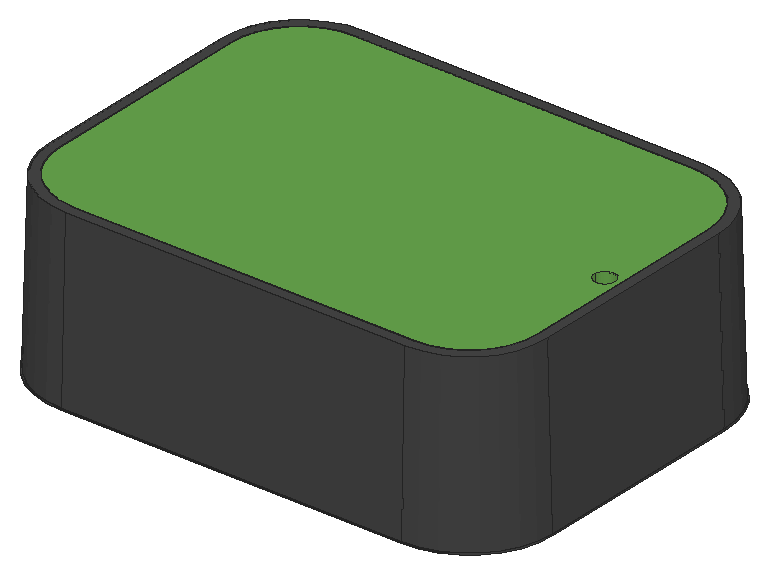
Revit family "PVB Professional Series - Jumbo Extension Valve Box", category Acessórios do tubo, Revit 2020
Family settings
  Cota do conector redondo = Utilizar diâmetro
  Tipo de parte = Normal
  Número OmniClass = 23.60.00.00
  Título OmniClass = General Purpose: Services
  Com base no plano de trabalho = Não
  Sempre na vertical = Sim
  Corte com vazios quando carregada = Não
  Compartilhado = Não
Parameters (values of type "Jumbo Extension Valve Box")
  DDT4 = 0.1 cm
  URL = "https://www.rainbird.com/"
  Top Width = 56.52 cm
  Top Length = 38.1 cm
  Top = 54.29 cm
  SupportProjetos: Reviw Date = ""  # constant formula
  SupportProjetos: Reviw = "R00"  # constant formula
  SupportProjetos: Level of Detail = "LOD300"  # constant formula
  SupportProjetos: Developed = "MICHEL SOARES MOTA"  # constant formula
  SupportProjetos: Creation Date = "05/09/2020"  # constant formula
  RainBird: Product Link = "https://www.rainbird.com/"
  RainBird: Description = "PVB Professional Series - Jumbo Extension Valve Box"
  RainBird: Comment = ""
  RainBird: Code = "A12508"  # constant formula
  R = 3.5 cm
  Plastic 2 = Green
  Plastic 1 = Black
  Open/Close Box [instance] = yes
  Modelo = "PVBJMBEXT"
  Height = 16.83 cm
  Elevação padrão = 0 cm
  Descrição = RainBird: Description  # "PVB Professional Series - Jumbo Extension Valve Box"
  DDT6 = 1.5 cm
  DDT5 = 2 cm
  DDT3 = Bottom / 2  # 28.02 cm
  DDT2 = Top / 2  # 27.145 cm
  DDT1 = 0.1 cm
  Bottom = 56.04 cm
Reference planes (cm)
  plane 1 "Centro (Frente/Trás)": y = 0
  plane 2: z = 0
  plane 3 "Centro (Esquerda/Direita)": x = 0
Forms (cm)
  Sweep 1, solid, material "Black" <- "Plastic 1"
    path origin (0, 0, 0) x (1, 0, 0) y (0, 1, 0)
      loop
        arc (-24.76, 19.05) -> (-27.2349, 18.0249) -> (-28.26, 15.55) r 3.5
        line (-28.26, 15.55) -> (-28.26, -15.55)
        arc (-28.26, -15.55) -> (-27.2349, -18.0249) -> (-24.76, -19.05) r 3.5
        line (-24.76, -19.05) -> (24.76, -19.05)
        arc (24.76, -19.05) -> (27.2349, -18.0249) -> (28.26, -15.55) r 3.5
        line (28.26, -15.55) -> (28.26, 15.55)
        arc (28.26, 15.55) -> (27.2349, 18.0249) -> (24.76, 19.05) r 3.5
        line (24.76, 19.05) -> (-24.76, 19.05)
    profile origin (0, 19.05, 0) x (0, 1, 0) y (0, 0, 1)
      loop
        line (8.095, 0) -> (6.595, 0) -> (6.595, -0.1) -> (7.9976, -0.1) -> (8.6726, -25.4) -> (8.97, -25.4) -> (8.97, -25.2) -> (8.87, -25.2) -> (8.87, -25.3) -> (8.77, -25.3) -> (8.095, 0)
  Extrusion 2, solid, material "Green" <- "Plastic 2", visible <- "Open/Close Box"
    sketch origin (0, 0, 0) x (1, 0, 0) y (0, 1, 0)
      loop
        arc (-34.755, -15.5554) -> (-31.8291, -22.6191) -> (-24.7654, -25.545) r 9.9896
        line (-24.7654, -25.545) -> (24.6458, -25.545)
        arc (24.6458, -25.545) -> (31.7941, -22.5841) -> (34.755, -15.4358) r 10.1092
        line (34.755, -15.4358) -> (34.755, 15.498)
        arc (34.755, 15.498) -> (31.8123, 22.6023) -> (24.708, 25.545) r 10.047
        line (24.708, 25.545) -> (-24.7419, 25.545)
        arc (-24.7419, 25.545) -> (-31.8222, 22.6122) -> (-34.755, 15.5319) r 10.0131
        line (-34.755, 15.5319) -> (-34.755, -15.5554)
    from -2 to 0
  Extrusion 3, void
    sketch origin (32.6692, 13.0415, 0) x (1, 0, 0) y (0, 1, 0)
      loop
        circle (0, -13.6318) r 1.5
    from -2 to 0
Cuts and joins
  Extrusion 3 cuts Extrusion 2
Dimensions and locks (cm)
  equal spacing: Sweep 1 sketch curve, plane 3 "Centro (Esquerda/Direita)", Sweep 1 sketch curve
  equal spacing: Sweep 1 sketch curve, plane 1 "Centro (Frente/Trás)", Sweep 1 sketch curve
  "Top Length": Sweep 1 sketch curve to Sweep 1 sketch curve
  "Top Width": Sweep 1 sketch curve to Sweep 1 sketch curve
  "DDT2": plane 1 "Centro (Frente/Trás)" to Sweep 1 sketch curve
  "DDT3": plane 1 "Centro (Frente/Trás)" to Sweep 1 sketch curve
  level to Sweep 1 sketch curve = 25.4 cm
  "DDT1": Sweep 1 sketch curve to Sweep 1 sketch curve  (x6)
  "DDT5": level to Extrusion 2
  "DDT6": Sweep 1 sketch curve to Sweep 1 sketch curve
  "DDT4": Sweep 1 to Extrusion 2 sketch curve
  "DDT4": Extrusion 2 sketch curve to Sweep 1  (x3)
  "R": radius of Sweep 1 sketch curve  (x4)
  aligned and locked: level to plane 2
  aligned and locked: profile plane to Sweep 1 sketch curve
  aligned and locked: level to Extrusion 2
  aligned and locked: Extrusion 2 to Extrusion 3  (x2)
Automatic sketch dimensions
  plane 3 "Centro (Esquerda/Direita)" to Extrusion 3 sketch curve = 32.6692 cm
  plane 1 "Centro (Frente/Trás)" to Extrusion 3 sketch curve = 0.5903 cm
  Extrusion 2 sketch curve to Extrusion 2 sketch curve = 9.9896 cm
  Extrusion 2 sketch curve to Extrusion 2 sketch curve = 10.0131 cm
  Extrusion 2 sketch curve to Extrusion 2 sketch curve = 10.1092 cm
  Extrusion 2 sketch curve to Extrusion 2 sketch curve = 10.047 cm
  radius of Extrusion 3 sketch curve = 1.5 cm
